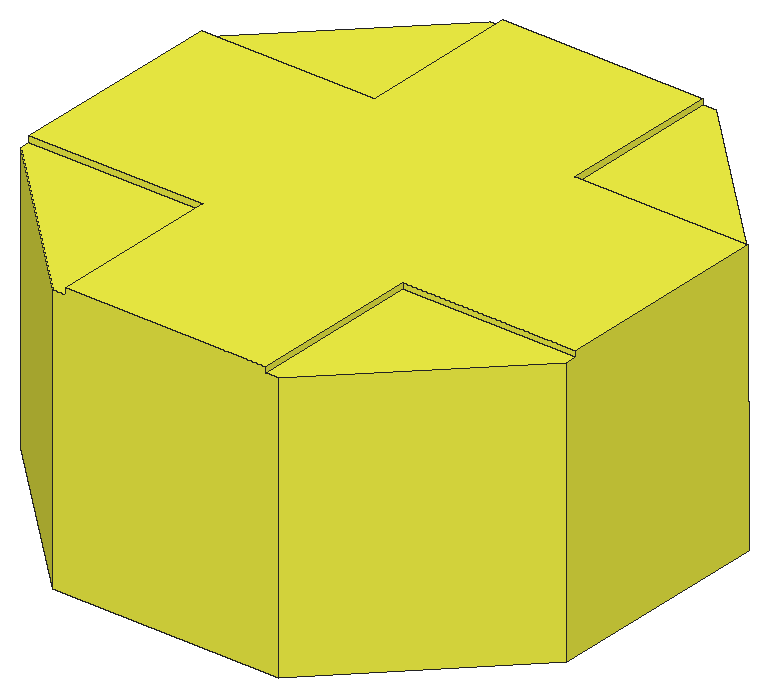
Revit family "Cx_Ele_Teto_4x4", category Electrical Fixtures, host Ceiling, Revit 2025
Family settings
  Host = Ceiling
  Round Connector Dimension = Use Radius
  Part Type = Normal
  OmniClass Number = 23.75.00.00
  OmniClass Title = Climate Control (HVAC)
  Always vertical = Yes
  Cut with Voids When Loaded = No
  Maintain Annotation Orientation = No
  Shared = No
  Room Calculation Point = No
Parameters (values of type "Tipo 1")
  Default Elevation = 0.000 m
Reference planes (m)
  plane 1 "Centro (Frente/Trás)": y = 0
  plane 2: z = 0
  plane 3 "Centro (Esquerda/Direita)": x = 0
  plane 4 "Forro": z = 4
Forms (m)
  Extrusion 1, solid, material "PVC elétricas caixas"
    sketch origin (0, 0, 4) x (0, 1, 0) y (-1, 0, 0)
      loop
        line (-0.021042, -0.0508) -> (0.021042, -0.0508) -> (0.0508, -0.021042) -> (0.0508, 0.021042) -> (0.021042, 0.0508) -> (-0.021042, 0.0508) -> (-0.0508, 0.021042) -> (-0.0508, -0.021042) -> (-0.021042, -0.0508)
    from 0 to 0.049835
  Extrusion 2, solid, material "PVC elétricas caixas"
    sketch origin (0, 0, 0) x (1, 0, 0) y (0, 1, 0)
      loop
        line (-0.0508, 0.021042) -> (-0.0508, -0.018958) -> (0, -0.018958) -> (0, 0.021042) -> (-0.0508, 0.021042)
    from 4.049835 to 4.050912
  Extrusion 3, solid, material "PVC elétricas caixas"
    sketch origin (-0.0016, 0, 0) x (-1, 0, 0) y (0, -1, 0)
      loop
        line (-0.0524, -0.021042) -> (-0.0016, -0.021042) -> (-0.0016, 0.018958) -> (-0.0524, 0.018958) -> (-0.0524, -0.021042)
    from 4.049835 to 4.050912
  Extrusion 4, solid, material "PVC elétricas caixas"
    sketch origin (-0.0016, 0.042084, 0) x (-1, 0, 0) y (0, -1, 0)
      loop
        line (-0.020181, 0.021042) -> (-0.020181, -0.008716) -> (0.016981, -0.008716) -> (0.016981, 0.021042) -> (-0.020181, 0.021042)
    from 4.049835 to 4.050912
  Extrusion 5, solid, material "PVC elétricas caixas"
    sketch origin (-0.0016, -0.042084, 0) x (-1, 0, 0) y (0, -1, 0)
      loop
        line (-0.020181, -0.023126) -> (0.016981, -0.023126) -> (0.016981, 0.008716) -> (-0.020181, 0.008716) -> (-0.020181, -0.023126)
    from 4.049835 to 4.050912
Cuts and joins
  joined: Extrusion 1, Extrusion 2, Extrusion 3, Extrusion 4, Extrusion 5
Dimensions and locks (m)
  equal spacing: host sketch curve, plane 3 "Centro (Esquerda/Direita)", host sketch curve
  equal spacing: host sketch curve, plane 1 "Centro (Frente/Trás)", host sketch curve
  host sketch curve to host sketch curve = 4.000 m  (x2)
  plane 4 "Forro" to host ceiling = 0.000 m
  locked: Extrusion 1 to Extrusion 1 at 0.049835
  locked: Extrusion 1 to Extrusion 2 at 0.001077
  locked: Extrusion 1 to Extrusion 1 at 0.1016  (x2)
  aligned and locked: Extrusion 2 to Extrusion 1  (x2)
  aligned and locked: Extrusion 1 to Extrusion 3
  aligned and locked: Extrusion 3 to plane 3 "Centro (Esquerda/Direita)"
  aligned and locked: plane 3 "Centro (Esquerda/Direita)" to Extrusion 2
  aligned and locked: Extrusion 1 to Extrusion 4
  aligned and locked: Extrusion 5 to Extrusion 2
  aligned and locked: Extrusion 1 to Extrusion 5
Connectors (m)
  cabletrayconduit at (0, -0.0508, 4.024918), diameter 0.032
    settings: on Extrusion 1, index 1, connector width 0.300 m, connector height 0.300 m, connector angle 0.00°, system type 32, placement type 0, profile type 0, connector reference index -1, is primary connector yes, connector utility param no, connector description "Entrada_01"
  cabletrayconduit at (0.035921, -0.035921, 4.024918), diameter 0.0254
    settings: on Extrusion 1, index 2, connector width 0.300 m, connector height 0.300 m, connector angle 0.00°, system type 32, placement type 0, profile type 0, connector reference index -1, is primary connector no, connector utility param no, connector description "Entrada_02"
  cabletrayconduit at (0.0508, 0, 4.024918), diameter 0.032
    settings: on Extrusion 1, index 3, connector width 0.300 m, connector height 0.300 m, connector angle 0.00°, system type 32, placement type 0, profile type 0, connector reference index -1, is primary connector no, connector utility param no, connector description "Entrada_03"
  cabletrayconduit at (0.035921, 0.035921, 4.024918), diameter 0.0254
    settings: on Extrusion 1, index 4, connector width 0.300 m, connector height 0.300 m, connector angle 0.00°, system type 32, placement type 0, profile type 0, connector reference index -1, is primary connector no, connector utility param no, connector description "Entrada_04"
  cabletrayconduit at (0, 0.0508, 4.024918), diameter 0.032
    settings: on Extrusion 1, index 5, connector width 0.300 m, connector height 0.300 m, connector angle 0.00°, system type 32, placement type 0, profile type 0, connector reference index -1, is primary connector no, connector utility param no, connector description "Entrada_05"
  cabletrayconduit at (-0.035921, 0.035921, 4.024918), diameter 0.0254
    settings: on Extrusion 1, index 6, connector width 0.300 m, connector height 0.300 m, connector angle 0.00°, system type 32, placement type 0, profile type 0, connector reference index -1, is primary connector no, connector utility param no, connector description "Entrada_06"
  cabletrayconduit at (-0.0508, 0, 4.024918), diameter 0.032
    settings: on Extrusion 1, index 7, connector width 0.300 m, connector height 0.300 m, connector angle 0.00°, system type 32, placement type 0, profile type 0, connector reference index -1, is primary connector no, connector utility param no, connector description "Entrada_07"
  cabletrayconduit at (-0.035921, -0.035921, 4.024918), diameter 0.0254
    settings: on Extrusion 1, index 8, connector width 0.300 m, connector height 0.300 m, connector angle 0.00°, system type 32, placement type 0, profile type 0, connector reference index -1, is primary connector no, connector utility param no, connector description "Entrada_08"
  cabletrayconduit at (0, 0.035921, 4.050912), diameter 0.0254
    settings: on Extrusion 4, index 9, connector width 0.300 m, connector height 0.300 m, connector angle 0.00°, system type 32, placement type 0, profile type 0, connector reference index -1, is primary connector no, connector utility param no, connector description "Entrara_Topo_02_25"
  cabletrayconduit at (0, -0.034879, 4.050912), diameter 0.0254
    settings: on Extrusion 5, index 10, connector width 0.300 m, connector height 0.300 m, connector angle 0.00°, system type 32, placement type 0, profile type 0, connector reference index -1, is primary connector no, connector utility param no, connector description "Entrara_Topo_04_25"
  cabletrayconduit at (0.0254, 0.001042, 4.050912), diameter 0.032
    settings: on Extrusion 3, index 11, connector width 0.300 m, connector height 0.300 m, connector angle 0.00°, system type 32, placement type 0, profile type 0, connector reference index -1, is primary connector no, connector utility param no, connector description "Entrara_Topo_01_32"
  cabletrayconduit at (-0.0254, 0.001042, 4.050912), diameter 0.032
    settings: on Extrusion 2, index 12, connector width 0.300 m, connector height 0.300 m, connector angle 0.00°, system type 32, placement type 0, profile type 0, connector reference index -1, is primary connector no, connector utility param no, connector description "Entrara_Topo_03_32"
